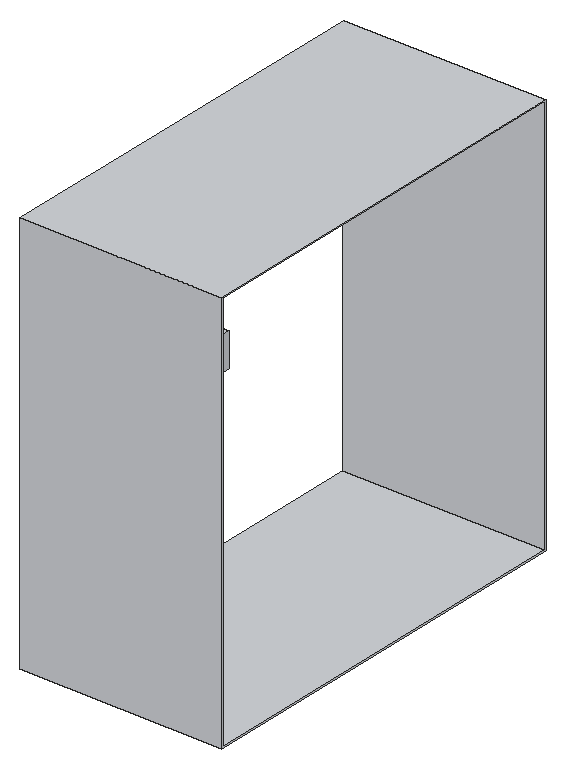
Revit family "RWS", category Duct Accessories, Revit 2021
Family settings
  Round Connector Dimension = Use Diameter
  Part Type = Attaches To
  Work Plane-Based = Yes
  Always vertical = Yes
  Cut with Voids When Loaded = No
  Shared = No
Parameters
  Width [instance] = 1' - 0"
  TS_Point_Description [instance] = "RWS"
  Length [instance] = 0' - 6"
  Height [instance] = 1' - 0"
  GTP_PointRole_0 [instance] = ""
  GTP_PointNumber_0 [instance] = ""
  GTP_PointElement_0 [instance] = ""
  GTP_LinkedParam_0 [instance] = "GTP_PointNumber_0"
  Default Elevation = 4' - 0"
Reference planes (in)
  plane 1 "Center (Front/Back)": y = 0
  plane 2: z = 0
  plane 3 "Center (Left/Right)": x = 0
  plane 4: x = 6
Forms (in)
  Extrusion 1, solid
    sketch origin (0, 0, 0) x (0, 1, 0) y (0, 0, 1)
      loop
        line (-6, 6) -> (-6, -6) -> (6, -6) -> (6, 6) -> (-6, 6)
      loop
        line (-5.96875, 5.96875) -> (-5.96875, -5.96875) -> (5.96875, -5.96875) -> (5.96875, 5.96875) -> (-5.96875, 5.96875)
    from 0 to 6
Dimensions and locks (in)
  locked: Extrusion 1 sketch curve to Extrusion 1 sketch curve at 0.03125  (x4)
  equal spacing: Extrusion 1 sketch curve, nested 1, Extrusion 1 sketch curve  (x2)
  "Width": Extrusion 1 sketch curve to Extrusion 1 sketch curve
  "Height": Extrusion 1 sketch curve to Extrusion 1 sketch curve
  "Length": plane 3 "Center (Left/Right)" to plane 4
  aligned and locked: plane 2 to level
  aligned and locked: plane 4 to Extrusion 1
  aligned and locked: plane 1 "Center (Front/Back)" to nested 1
  aligned and locked: level to nested 1
  aligned and locked: nested 1 to plane 3 "Center (Left/Right)"
Nested families (in)
  nested 1: "GTP" at (0.5, 0, 0), PointNumber <- "GTP_PointNumber_0", PointRole <- "GTP_PointRole_0", PointElement <- "GTP_PointElement_0", LinkedParam <- "GTP_LinkedParam_0", PointDescription <- "TS_Point_Description", type "Generic Pt"
    with PointRole "", PointNumber "", PointElement "", PointDescription "RWS", LinkedParam "GTP_PointNumber_0"
Definition of nested family "GTP"
  Parameters (values of type "Generic Pt")
    URL = ""
    PointRole [instance] = "Stake Out"
    PointNumber [instance] = ""
    PointElement [instance] = ""
    PointDescription [instance] = "Generic Pt"
    Manufacturer = "Autodesk Inc."
    LinkedParam [instance] = ""
    Default Elevation = 0' - 0"
  Reference planes (in)
    plane 1 "Center (Front/Back)": y = 0
    plane 2: z = 0
    plane 3 "Center (Left/Right)": x = 0
  Forms (in)
    Extrusion 1, solid, detail levels medium+fine
      sketch origin (0, 0, 0) x (1, 0, 0) y (0, 1, 0)
        loop
          line (0.5, -0.5) -> (0.5, 0.5) -> (-0.5, 0.5) -> (-0.5, -0.5) -> (0.5, -0.5)
      from -0.5 to 0.5
  Lines and regions (in)
    model lines, detail levels coarse+medium
      curve 1: line (0, 0.5, 0) -> (0, 0, 0)
      curve 2: line (-0.5, 0, 0) -> (0, 0, 0)
      curve 3: line (0, 0, -0.5) -> (0, 0, 0)
      curve 4: line (0, 0, 0) -> (0.5, 0, 0)
      curve 5: line (0, 0, 0) -> (0, -0.5, 0)
      curve 6: line (0, 0, 0) -> (0, 0, 0.5)
